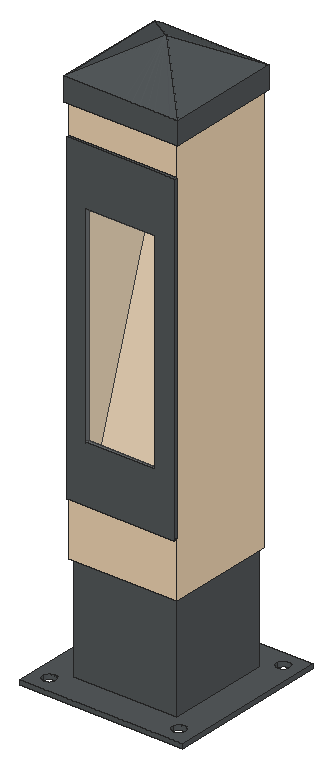
Revit family "Баум", category Осветительные приборы, Revit 2019 (continued)
Parameters (values of type "ДТУ961 Светодиодный светильник Баум ДТУ-96-AF-4Вт-0,6")
     0.4 0.4 0.4 0.4 0.4 0.4 0.4 0.4 0.4 0.4 0.4 0.4 0.4 0.4 0.4 0.4 0.4 0.4 0.4 0.4 0.4 0.4 0.4 0.4 0.4 0.4 0.4 0.4\r\n 0.4 0.4 0.4 0.4 0.4 0.4 0.4 0.4 0.4 0.4 0.4 0.2 0.2 0.2 0.0 0.0 0.0 0.0 0.0 0.0 0.0\r\n0.0 0.0 0.2 0.2 0.2 0.2 0.2 0.2 0.4 0.4 0.4 0.4 0.4 0.4 0.4 0.4 0.4 0.4 0.4 0.4 0.4 0.4 0.4 0.4 0.4 0.4 0.4 0.4 0.4 0.4 0.4 0.4\r\n 0.4 0.4 0.4 0.4 0.4 0.4 0.4 0.4 0.6 0.6 0.4 0.4 0.4 0.4 0.4 0.4 0.4 0.4 0.4 0.4 0.4 0.4 0.4 0.4 0.4 0.4 0.4 0.4 0.4 0.4 0.4 0.4\r\n 0.4 0.4 0.4 0.4 0.4 0.4 0.4 0.4 0.4 0.4 0.4 0.4 0.4 0.4 0.4 0.4 0.4 0.4 0.4 0.4 0.4 0.4 0.4 0.4 0.4 0.4 0.4 0.4 0.4 0.4 0.4 0.4\r\n 0.4 0.4 0.4 0.4 0.4 0.4 0.4 0.4 0.4 0.4 0.4 0.4 0.4 0.4 0.4 0.4 0.4 0.4 0.4 0.4 0.4 0.4 0.4 0.4 0.4 0.4 0.4 0.4 0.4 0.4 0.4 0.4\r\n 0.4 0.4 0.4 0.4 0.4 0.4 0.4 0.4 0.4 0.4 0.4 0.4 0.4 0.4 0.4 0.4 0.4 0.4 0.4 0.4 0.4 0.4 0.4 0.4 0.4 0.4 0.4 0.4 0.4 0.4 0.4 0.4\r\n 0.4 0.4 0.4 0.4 0.4 0.4 0.4 0.4 0.4 0.4 0.4 0.2 0.2 0.2 0.0 0.0 0.0 0.0 0.0 0.0 0.0\r\n0.0 0.0 0.2 0.2 0.2 0.2 0.2 0.2 0.4 0.4 0.4 0.4 0.4 0.4 0.4 0.4 0.4 0.4 0.4 0.4 0.4 0.4 0.4 0.4 0.4 0.4 0.4 0.4 0.4 0.4 0.4 0.4\r\n 0.4 0.4 0.4 0.4 0.4 0.4 0.4 0.4 0.4 0.4 0.4 0.4 0.4 0.4 0.4 0.4 0.4 0.4 0.4 0.4 0.4 0.4 0.4 0.4 0.4 0.4 0.4 0.4 0.4 0.4 0.4 0.4\r\n 0.4 0.4 0.4 0.4 0.4 0.4 0.4 0.4 0.4 0.4 0.4 0.4 0.4 0.4 0.4 0.4 0.4 0.4 0.4 0.4 0.4 0.4 0.4 0.4 0.4 0.4 0.4 0.4 0.4 0.4 0.4 0.4\r\n 0.4 0.4 0.4 0.4 0.4 0.4 0.4 0.4 0.4 0.4 0.4 0.4 0.4 0.4 0.4 0.4 0.4 0.4 0.4 0.4 0.4 0.4 0.4 0.4 0.4 0.4 0.4 0.4 0.4 0.4 0.4 0.4\r\n 0.4 0.4 0.4 0.4 0.4 0.4 0.4 0.4 0.4 0.4 0.4 0.4 0.4 0.4 0.4 0.4 0.4 0.4 0.4 0.4 0.4 0.4 0.4 0.4 0.4 0.4 0.4 0.4 0.4 0.4 0.4 0.4\r\n 0.4 0.4 0.4 0.4 0.4 0.4 0.4 0.4 0.4 0.4 0.4 0.2 0.2 0.2 0.0 0.0 0.0 0.0 0.0 0.0 0.0\r\n0.0 0.0 0.2 0.2 0.2 0.2 0.2 0.2 0.4 0.4 0.4 0.4 0.4 0.4 0.4 0.4 0.4 0.4 0.4 0.4 0.4 0.4 0.4 0.4 0.4 0.4 0.4 0.4 0.4 0.4 0.4 0.4\r\n 0.4 0.4 0.4 0.4 0.4 0.4 0.4 0.4 0.4 0.4 0.4 0.4 0.4 0.4 0.4 0.4 0.4 0.4 0.4 0.4 0.4 0.4 0.4 0.4 0.4 0.4 0.4 0.4 0.4 0.4 0.4 0.4\r\n 0.4 0.4 0.4 0.4 0.4 0.4 0.4 0.4 0.4 0.4 0.4 0.4 0.4 0.4 0.4 0.4 0.4 0.4 0.4 0.4 0.4 0.4 0.4 0.4 0.4 0.4 0.4 0.4 0.4 0.4 0.4 0.4\r\n 0.4 0.4 0.4 0.4 0.4 0.4 0.4 0.4 0.4 0.4 0.4 0.4 0.4 0.4 0.4 0.4 0.4 0.4 0.4 0.4 0.4 0.4 0.4 0.4 0.4 0.4 0.4 0.4 0.4 0.4 0.4 0.4\r\n 0.4 0.4 0.4 0.4 0.4 0.4 0.4 0.4 0.4 0.4 0.4 0.4 0.4 0.4 0.4 0.4 0.4 0.4 0.4 0.4 0.4 0.4 0.4 0.4 0.4 0.4 0.4 0.4 0.4 0.4 0.4 0.4\r\n 0.4 0.4 0.4 0.4 0.4 0.4 0.4 0.4 0.4 0.4 0.4 0.2 0.2 0.2 0.0 0.0 0.0 0.0 0.0 0.0 0.0\r\n0.0 0.0 0.2 0.2 0.2 0.2 0.2 0.2 0.4 0.4 0.4 0.4 0.4 0.4 0.4 0.4 0.4 0.4 0.4 0.4 0.4 0.4 0.4 0.4 0.4 0.4 0.4 0.4 0.4 0.4 0.4 0.4\r\n 0.4 0.4 0.4 0.4 0.4 0.4 0.4 0.4 0.4 0.4 0.4 0.4 0.4 0.4 0.4 0.4 0.4 0.4 0.4 0.4 0.4 0.4 0.4 0.4 0.4 0.4 0.4 0.4 0.4 0.4 0.4 0.4\r\n 0.4 0.4 0.4 0.4 0.4 0.4 0.4 0.4 0.4 0.4 0.4 0.4 0.4 0.4 0.4 0.4 0.4 0.4 0.4 0.4 0.4 0.4 0.4 0.4 0.4 0.4 0.4 0.4 0.4 0.4 0.4 0.4\r\n 0.4 0.4 0.4 0.4 0.4 0.4 0.4 0.4 0.4 0.4 0.4 0.4 0.4 0.4 0.4 0.4 0.4 0.4 0.4 0.4 0.4 0.4 0.4 0.4 0.4 0.4 0.4 0.4 0.4 0.4 0.4 0.4\r\n 0.4 0.4 0.4 0.4 0.4 0.4 0.4 0.4 0.4 0.4 0.4 0.4 0.4 0.4 0.4 0.4 0.4 0.4 0.4 0.4 0.4 0.4 0.4 0.4 0.4 0.4 0.4 0.4 0.4 0.4 0.4 0.4\r\n 0.4 0.4 0.4 0.4 0.4 0.4 0.4 0.4 0.4 0.4 0.4 0.2 0.2 0.2 0.0 0.0 0.0 0.0 0.0 0.0 0.0\r\n0.0 0.0 0.2 0.2 0.2 0.2 0.2 0.2 0.4 0.4 0.4 0.4 0.4 0.4 0.4 0.4 0.4 0.4 0.4 0.4 0.4 0.4 0.4 0.4 0.4 0.4 0.4 0.4 0.4 0.4 0.4 0.4\r\n 0.4 0.4 0.4 0.4 0.4 0.4 0.4 0.4 0.4 0.4 0.4 0.4 0.4 0.4 0.4 0.4 0.4 0.4 0.4 0.4 0.4 0.4 0.4 0.4 0.4 0.4 0.4 0.4 0.4 0.4 0.4 0.4\r\n 0.4 0.4 0.4 0.4 0.4 0.4 0.4 0.4 0.4 0.4 0.4 0.4 0.4 0.4 0.4 0.4 0.4 0.4 0.4 0.4 0.4 0.4 0.4 0.4 0.4 0.4 0.4 0.4 0.4 0.4 0.4 0.4\r\n 0.4 0.4 0.4 0.4 0.4 0.4 0.4 0.4 0.4 0.4 0.4 0.4 0.4 0.4 0.4 0.4 0.4 0.4 0.4 0.4 0.4 0.4 0.4 0.4 0.4 0.4 0.4 0.4 0.4 0.4 0.4 0.4\r\n 0.4 0.4 0.4 0.4 0.4 0.4 0.4 0.4 0.4 0.4 0.4 0.4 0.4 0.4 0.4 0.4 0.4 0.4 0.4 0.4 0.4 0.4 0.4 0.4 0.4 0.4 0.4 0.4 0.4 0.4 0.4 0.4\r\n 0.4 0.4 0.4 0.4 0.4 0.4 0.4 0.4 0.4 0.4 0.4 0.2 0.2 0.2 0.0 0.0 0.0 0.0 0.0 0.0 0.0\r\n0.0 0.0 0.2 0.2 0.2 0.2 0.2 0.2 0.4 0.4 0.4 0.4 0.4 0.4 0.4 0.4 0.4 0.4 0.4 0.4 0.4 0.4 0.4 0.4 0.4 0.4 0.4 0.4 0.4 0.4 0.4 0.4\r\n 0.4 0.4 0.4 0.4 0.4 0.4 0.4 0.4 0.4 0.4 0.4 0.4 0.4 0.4 0.4 0.4 0.4 0.4 0.4 0.4 0.4 0.4 0.4 0.4 0.4 0.4 0.4 0.4 0.4 0.4 0.4 0.4\r\n 0.4 0.4 0.4 0.4 0.4 0.4 0.4 0.4 0.4 0.4 0.4 0.4 0.4 0.4 0.6 0.4 0.4 0.4 0.4 0.4 0.4 0.4 0.4 0.4 0.4 0.4 0.4 0.4 0.4 0.4 0.4 0.4\r\n 0.4 0.4 0.4 0.4 0.4 0.4 0.4 0.4 0.4 0.4 0.4 0.4 0.4 0.4 0.4 0.4 0.4 0.4 0.4 0.4 0.4 0.4 0.4 0.4 0.4 0.4 0.4 0.4 0.4 0.4 0.4 0.4\r\n 0.4 0.4 0.4 0.4 0.4 0.4 0.4 0.4 0.4 0.4 0.4 0.4 0.4 0.4 0.4 0.4 0.4 0.4 0.4 0.4 0.4 0.4 0.4 0.4 0.4 0.4 0.4 0.4 0.4 0.4 0.4 0.4\r\n 0.4 0.4 0.4 0.4 0.4 0.4 0.4 0.4 0.4 0.4 0.4 0.2 0.2 0.2 0.0 0.0 0.0 0.0 0.0 0.0 0.0\r\n0.0 0.0 0.2 0.2 0.2 0.2 0.2 0.2 0.4 0.4 0.4 0.4 0.4 0.4 0.4 0.4 0.4 0.4 0.4 0.4 0.4 0.4 0.4 0.4 0.4 0.4 0.4 0.4 0.4 0.4 0.4 0.4\r\n 0.4 0.4 0.4 0.4 0.4 0.4 0.4 0.4 0.4 0.4 0.4 0.4 0.4 0.4 0.4 0.4 0.4 0.4 0.4 0.4 0.4 0.4 0.4 0.4 0.4 0.4 0.4 0.4 0.4 0.4 0.4 0.4\r\n 0.4 0.4 0.4 0.4 0.4 0.4 0.4 0.4 0.4 0.4 0.4 0.4 0.4 0.4 0.4 0.4 0.4 0.4 0.4 0.4 0.4 0.4 0.4 0.4 0.4 0.4 0.4 0.4 0.4 0.4 0.4 0.4\r\n 0.4 0.4 0.4 0.4 0.4 0.4 0.4 0.4 0.4 0.4 0.4 0.4 0.4 0.4 0.4 0.4 0.4 0.4 0.4 0.4 0.4 0.4 0.4 0.4 0.4 0.4 0.4 0.4 0.4 0.4 0.4 0.4\r\n 0.4 0.4 0.4 0.4 0.4 0.4 0.4 0.4 0.4 0.4 0.4 0.4 0.4 0.4 0.4 0.4 0.4 0.4 0.4 0.4 0.4 0.4 0.4 0.4 0.4 0.4 0.4 0.4 0.4 0.4 0.4 0.4\r\n 0.4 0.4 0.4 0.4 0.4 0.4 0.4 0.4 0.4 0.4 0.4 0.2 0.2 0.2 0.0 0.0 0.0 0.0 0.0 0.0 0.0\r\n0.0 0.0 0.2 0.2 0.2 0.2 0.2 0.2 0.4 0.4 0.4 0.4 0.4 0.4 0.4 0.4 0.4 0.4 0.4 0.4 0.4 0.4 0.4 0.4 0.4 0.4 0.4 0.4 0.4 0.4 0.4 0.4\r\n 0.4 0.4 0.4 0.4 0.4 0.4 0.4 0.4 0.4 0.4 0.4 0.4 0.4 0.4 0.4 0.4 0.4 0.4 0.4 0.4 0.4 0.4 0.4 0.4 0.4 0.4 0.4 0.4 0.4 0.4 0.4 0.4\r\n 0.4 0.4 0.4 0.4 0.4 0.4 0.4 0.4 0.4 0.4 0.4 0.4 0.4 0.4 0.4 0.4 0.4 0.4 0.4 0.4 0.4 0.4 0.4 0.4 0.4 0.4 0.4 0.4 0.4 0.4 0.4 0.4\r\n 0.4 0.4 0.4 0.4 0.4 0.4 0.4 0.4 0.4 0.4 0.4 0.4 0.4 0.4 0.4 0.4 0.4 0.4 0.4 0.4 0.4 0.4 0.4 0.4 0.4 0.4 0.4 0.4 0.4 0.4 0.4 0.4\r\n 0.4 0.4 0.4 0.4 0.4 0.4 0.4 0.4 0.4 0.4 0.4 0.4 0.4 0.4 0.4 0.4 0.4 0.4 0.4 0.4 0.4 0.4 0.4 0.4 0.4 0.4 0.4 0.4 0.4 0.4 0.4 0.4\r\n 0.4 0.4 0.4 0.4 0.4 0.4 0.4 0.4 0.4 0.4 0.4 0.2 0.2 0.2 0.0 0.0 0.0 0.0 0.0 0.0 0.0\r\n0.0 0.0 0.2 0.2 0.2 0.2 0.2 0.2 0.4 0.4 0.4 0.4 0.4 0.4 0.4 0.4 0.4 0.4 0.4 0.4 0.4 0.4 0.4 0.4 0.4 0.4 0.4 0.4 0.4 0.4 0.4 0.4\r\n 0.4 0.4 0.4 0.4 0.4 0.4 0.4 0.4 0.4 0.4 0.4 0.4 0.4 0.4 0.4 0.4 0.4 0.4 0.4 0.4 0.4 0.4 0.4 0.4 0.4 0.4 0.4 0.4 0.4 0.4 0.4 0.4\r\n 0.4 0.4 0.4 0.4 0.4 0.4 0.4 0.4 0.4 0.4 0.4 0.4 0.4 0.4 0.4 0.4 0.4 0.4 0.4 0.4 0.4 0.4 0.4 0.4 0.4 0.4 0.4 0.4 0.4 0.4 0.4 0.4\r\n 0.4 0.4 0.4 0.4 0.4 0.4 0.4 0.4 0.4 0.4 0.4 0.4 0.4 0.4 0.4 0.4 0.4 0.4 0.4 0.4 0.4 0.4 0.4 0.4 0.4 0.4 0.4 0.4 0.4 0.4 0.4 0.4\r\n 0.4 0.4 0.4 0.4 0.4 0.4 0.4 0.4 0.4 0.4 0.4 0.4 0.4 0.4 0.4 0.4 0.4 0.4 0.4 0.4 0.4 0.4 0.4 0.4 0.4 0.4 0.4 0.4 0.4 0.4 0.4 0.4\r\n 0.4 0.4 0.4 0.4 0.4 0.4 0.4 0.4 0.4 0.4 0.4 0.2 0.2 0.2 0.0 0.0 0.0 0.0 0.0 0.0 0.0\r\n0.0 0.0 0.4 0.2 0.2 0.2 0.2 0.2 0.4 0.4 0.4 0.4 0.4 0.4 0.4 0.4 0.4 0.4 0.4 0.4 0.4 0.4 0.4 0.4 0.4 0.4 0.4 0.4 0.4 0.4 0.4 0.4\r\n 0.4 0.4 0.4 0.4 0.4 0.4 0.4 0.4 0.4 0.4 0.4 0.4 0.4 0.4 0.4 0.4 0.4 0.4 0.4 0.4 0.4 0.4 0.4 0.4 0.4 0.4 0.4 0.4 0.4 0.4 0.4 0.4\r\n 0.4 0.4 0.4 0.4 0.4 0.4 0.4 0.4 0.4 0.4 0.4 0.4 0.4 0.4 0.4 0.4 0.4 0.4 0.4 0.4 0.4 0.4 0.4 0.4 0.4 0.4 0.4 0.4 0.4 0.4 0.4 0.4\r\n 0.4 0.4 0.4 0.4 0.4 0.4 0.4 0.4 0.4 0.4 0.4 0.4 0.4 0.4 0.4 0.4 0.4 0.4 0.4 0.4 0.4 0.4 0.4 0.4 0.4 0.4 0.4 0.4 0.4 0.4 0.4 0.4\r\n 0.4 0.4 0.4 0.4 0.4 0.4 0.4 0.4 0.4 0.4 0.4 0.4 0.4 0.4 0.4 0.4 0.4 0.4 0.4 0.4 0.4 0.4 0.4 0.4 0.4 0.4 0.4 0.4 0.4 0.4 0.4 0.4\r\n 0.4 0.4 0.4 0.4 0.4 0.4 0.4 0.4 0.4 0.4 0.4 0.2 0.2 0.2 0.0 0.0 0.0 0.0 0.0 0.0 0.0\r\n0.0 0.0 0.4 0.2 0.2 0.2 0.2 0.2 0.4 0.4 0.4 0.4 0.4 0.4 0.4 0.4 0.4 0.4 0.4 0.4 0.4 0.4 0.4 0.4 0.4 0.4 0.4 0.4 0.4 0.4 0.4 0.4\r\n 0.4 0.4 0.4 0.4 0.4 0.4 0.4 0.4 0.4 0.4 0.4 0.4 0.4 0.4 0.4 0.4 0.4 0.4 0.4 0.4 0.4 0.4 0.4 0.4 0.4 0.4 0.4 0.4 0.4 0.4 0.4 0.4\r\n 0.4 0.6 0.6 0.6 0.6 0.6 0.6 0.6 0.6 0.4 0.4 0.4 0.4 0.4 0.4 0.4 0.4 0.4 0.4 0.4 0.4 0.4 0.4 0.4 0.4 0.4 0.4 0.4 0.4 0.4 0.4 0.4\r\n 0.4 0.4 0.4 0.4 0.4 0.4 0.4 0.4 0.4 0.4 0.4 0.4 0.4 0.4 0.4 0.4 0.4 0.4 0.4 0.4 0.4 0.4 0.4 0.4 0.4 0.4 0.4 0.4 0.4 0.4 0.4 0.4\r\n 0.4 0.4 0.4 0.4 0.4 0.4 0.4 0.4 0.4 0.4 0.4 0.4 0.4 0.4 0.4 0.4 0.4 0.4 0.4 0.4 0.4 0.4 0.4 0.4 0.4 0.4 0.4 0.4 0.4 0.4 0.4 0.4\r\n 0.4 0.4 0.4 0.4 0.4 0.4 0.4 0.4 0.4 0.4 0.4 0.2 0.2 0.2 0.0 0.0 0.0 0.0 0.0 0.0 0.0\r\n0.0 0.0 0.4 0.2 0.2 0.2 0.2 0.2 0.4 0.6 0.4 0.4 0.4 0.4 0.4 0.4 0.4 0.4 0.4 0.4 0.4 0.4 0.4 0.4 0.4 0.4 0.4 0.4 0.4 0.4 0.4 0.4\r\n 0.4 0.4 0.4 0.4 0.4 0.4 0.4 0.4 0.4 0.4 0.4 0.4 0.4 0.4 0.4 0.4 0.4 0.4 0.4 0.4 0.4 0.4 0.4 0.4 0.4 0.4 0.4 0.6 0.6 0.6 0.6 0.6\r\n 0.7 1.3 1.3 1.3 1.1 0.9 0.9 0.7 0.7 0.6 0.6 0.4 0.4 0.4 0.4 0.4 0.4 0.4 0.4 0.4 0.4 0.4 0.4 0.4 0.4 0.4 0.4 0.4 0.4 0.4 0.4 0.4\r\n 0.4 0.4 0.4 0.4 0.4 0.4 0.4 0.4 0.4 0.4 0.4 0.4 0.4 0.4 0.4 0.4 0.4 0.4 0.4 0.4 0.4 0.4 0.4 0.4 0.4 0.4 0.4 0.4 0.4 0.4 0.4 0.4\r\n 0.4 0.4 0.4 0.4 0.4 0.4 0.4 0.4 0.4 0.4 0.4 0.4 0.4 0.4 0.4 0.4 0.4 0.4 0.4 0.4 0.4 0.4 0.4 0.4 0.4 0.4 0.4 0.4 0.4 0.4 0.4 0.4\r\n 0.4 0.4 0.4 0.4 0.4 0.4 0.4 0.4 0.4 0.4 0.4 0.4 0.2 0.2 0.0 0.0 0.0 0.0 0.0 0.0 0.0\r\n0.0 0.0 0.4 0.2 0.4 0.2 0.2 0.2 0.4 0.6 0.4 0.4 0.4 0.4 0.4 0.4 0.4 0.4 0.4 0.4 0.4 0.4 0.4 0.4 0.4 0.4 0.4 0.4 0.4 0.4 0.4 0.4\r\n 0.4 0.4 0.4 0.4 0.4 0.4 0.6 1.6 2.2 2.2 1.8 1.6 1.5 1.3 1.1 0.9 0.7 0.7 0.7 0.7 0.7 0.7 0.9 1.1 0.9 0.9 1.1 1.5 1.6 1.8 2.2 1.8\r\n 1.3 1.8 2.4 2.6 2.2 1.8 1.5 1.3 1.1 0.9 0.7 0.7 0.6 0.6 0.6 0.4 0.4 0.4 0.4 0.4 0.4 0.4 0.4 0.4 0.4 0.4 0.4 0.4 0.4 0.4 0.4 0.4\r\n 0.4 0.4 0.4 0.4 0.4 0.4 0.4 0.4 0.4 0.4 0.4 0.4 0.4 0.4 0.4 0.4 0.4 0.4 0.4 0.4 0.4 0.4 0.4 0.4 0.4 0.4 0.4 0.4 0.4 0.4 0.4 0.4\r\n 0.4 0.4 0.4 0.4 0.4 0.4 0.4 0.4 0.4 0.4 0.4 0.4 0.4 0.4 0.4 0.4 0.4 0.4 0.4 0.4 0.4 0.4 0.4 0.4 0.4 0.4 0.4 0.4 0.4 0.4 0.4 0.4\r\n 0.4 0.4 0.4 0.4 0.4 0.4 0.4 0.4 0.4 0.4 0.4 0.4 0.2 0.2 0.0 0.0 0.0 0.0 0.0 0.0 0.0\r\n0.0 0.0 0.4 0.2 0.4 0.2 0.2 0.2 0.4 0.6 0.4 0.4 0.4 0.4 0.4 0.4 0.4 0.4 0.4 0.4 0.4 0.4 0.4 0.4 0.4 0.4 0.4 0.4 0.4 0.4 0.4 0.4\r\n 0.6 1.3 1.3 1.6 4.6 4.6 8.4 32.5 51.9 59.1 58.5 60.4 56.9 51.9 47.7 43.5 39.6 35.2 30.3 26.2 23.1 20.9 18.9 16.9 16.0 15.6 16.1\r\n 17.4 17.4 18.2 18.2 17.6 18.7 19.3 19.1 20.0 19.6 18.9 19.3 18.4 17.6 17.6 16.1 14.7 14.3 13.0 11.9 11.2 7.3 2.6 0.9 0.4 0.4 0.4\r\n 0.4 0.4 0.4 0.4 0.4 0.4 0.4 0.4 0.4 0.4 0.4 0.4 0.4 0.4 0.4 0.4 0.4 0.4 0.4 0.4 0.4 0.4 0.4 0.4 0.4 0.4 0.4 0.4 0.4 0.4 0.4 0.4\r\n 0.4 0.4 0.4 0.4 0.4 0.4 0.4 0.4 0.4 0.4 0.4 0.4 0.4 0.4 0.4 0.4 0.4 0.4 0.4 0.4 0.4 0.4 0.4 0.4 0.4 0.4 0.4 0.4 0.4 0.4 0.4 0.4\r\n 0.4 0.4 0.4 0.4 0.4 0.4 0.4 0.4 0.4 0.4 0.4 0.4 0.4 0.4 0.4 0.4 0.4 0.4 0.4 0.4 0.4 0.4 0.2 0.2 0.0 0.0 0.0 0.0 0.0 0.0 0.0\r\n0.0 0.0 0.4 0.2 0.4 0.2 0.2 0.2 0.4 0.6 0.4 0.4 0.4 0.4 0.4 0.4 0.4 0.4 0.4 0.4 0.4 0.4 0.4 0.4 0.4 0.4 0.4 0.4 0.4 0.4 1.1 2.4\r\n 4.6 13.4 18.0 25.1 54.1 85.7 100.2 108.6 116.2 120.2 126.4 131.2 135.8 133.2 129.6 123.7 119.8 117.6 114.0 113.1 111.4 109.8\r\n 108.6 107.9 105.7 103.5 101.7 98.9 95.6 93.4 90.8 86.6 81.8 78.2 76.5 73.6 70.3 68.3 65.3 61.3 56.5 52.1 48.5 44.2 41.7 37.8 32.3\r\n 22.6 12.9 7.2 4.6 2.6 1.3 0.6 0.4 0.4 0.4 0.4 0.4 0.4 0.4 0.4 0.4 0.4 0.4 0.4 0.4 0.4 0.4 0.4 0.4 0.4 0.4 0.4 0.4 0.4 0.4 0.4 0.4\r\n 0.4 0.4 0.4 0.4 0.4 0.4 0.4 0.4 0.4 0.4 0.4 0.4 0.4 0.4 0.4 0.4 0.4 0.4 0.4 0.4 0.4 0.4 0.4 0.4 0.4 0.4 0.4 0.4 0.4 0.4 0.4 0.4\r\n 0.4 0.4 0.4 0.4 0.4 0.4 0.4 0.4 0.4 0.4 0.4 0.4 0.4 0.4 0.4 0.4 0.4 0.4 0.4 0.4 0.4 0.4 0.4 0.4 0.4 0.4 0.4 0.4 0.4 0.2 0.2 0.0\r\n 0.0 0.0 0.0 0.0 0.0 0.0\r\n0.0 0.0 0.4 0.2 0.4 0.2 0.2 0.2 0.4 0.6 0.4 0.4 0.4 0.4 0.4 0.4 0.4 0.4 0.4 0.4 0.4 0.4 0.4 0.4 0.4 0.4 0.4 0.6 2.0 5.5 11.9 25.3\r\n 34.3 52.7 94.5 118.4 134.3 150.5 165.5 174.2 184.1 192.7 200.4 208.6 206.1 206.4 201.3 195.4 191.4 187.7 184.1 179.1 175.4 174.0\r\n 171.8 167.4 166.3 162.8 158.0 154.5 152.3 148.6 143.9 139.7 134.9 129.8 125.9 121.1 117.3 112.5 106.1 98.9 92.5 85.7 80.8 75.4\r\n 68.8 56.3 42.2 31.6 23.9 17.3 12.3 8.6 5.5 3.1 1.5 0.6 0.4 0.4 0.4 0.4 0.4 0.4 0.4 0.4 0.4 0.4 0.4 0.4 0.4 0.4 0.4 0.4 0.4 0.4\r\n 0.4 0.4 0.4 0.4 0.4 0.4 0.4 0.4 0.4 0.4 0.4 0.4 0.4 0.4 0.4 0.4 0.4 0.4 0.4 0.4 0.4 0.4 0.4 0.4 0.4 0.4 0.4 0.4 0.4 0.4 0.4 0.4\r\n 0.4 0.4 0.4 0.4 0.4 0.4 0.4 0.4 0.4 0.4 0.4 0.4 0.4 0.4 0.4 0.4 0.4 0.4 0.4 0.4 0.4 0.4 0.4 0.4 0.4 0.4 0.4 0.4 0.4 0.4 0.4 0.4\r\n 0.4 0.4 0.2 0.2 0.0 0.0 0.0 0.0 0.0 0.0 0.0\r\n0.0 0.0 0.4 0.2 0.4 0.2 0.2 0.2 0.4 0.6 0.4 0.4 0.4 0.4 0.4 0.4 0.4 0.4 0.4 0.4 0.4 0.4 0.4 0.4 0.6 0.9 1.6 8.1 18.9 44.6 63.7\r\n 90.8 118.2 137.6 153.8 169.8 185.7 202.6 225.4 236.0 257.8 286.1 287.0 303.2 315.8 310.0 308.3 307.4 305.4 300.8 300.4 298.2\r\n 296.6 291.8 287.9 283.7 276.6 270.1 264.1 256.5 248.1 239.1 231.8 223.7 213.8 205.7 198.2 191.4 182.6 174.4 165.4 156.5 147.7\r\n 137.6 127.6 114.2 96.3 79.5 65.3 54.7 45.2 36.5 29.2 21.3 15.1 9.5 6.1 1.3 0.4 0.4 0.4 0.4 0.4 0.4 0.4 0.4 0.4 0.4 0.4 0.4 0.4\r\n 0.4 0.4 0.4 0.4 0.4 0.4 0.4 0.4 0.4 0.4 0.4 0.4 0.4 0.4 0.4 0.4 0.4 0.4 0.4 0.4 0.4 0.4 0.4 0.4 0.4 0.4 0.4 0.4 0.4 0.4 0.4 0.4\r\n 0.4 0.4 0.4 0.4 0.4 0.4 0.4 0.4 0.4 0.4 0.4 0.4 0.4 0.4 0.4 0.4 0.4 0.4 0.4 0.4 0.4 0.4 0.4 0.4 0.4 0.4 0.4 0.4 0.4 0.4 0.4 0.4\r\n 0.4 0.4 0.4 0.4 0.4 0.4 0.2 0.2 0.2 0.0 0.0 0.0 0.0 0.0 0.0 0.0\r\n0.0 0.0 0.4 0.2 0.4 0.2 0.2 0.4 0.4 0.6 0.4 0.4 0.4 0.4 0.4 0.4 0.4 0.4 0.4 0.4 0.4 0.4 0.6 0.7 3.1 8.1 20.4 55.4 75.4 97.1 123.5\r\n 149.6 171.6 183.7 201.3 231.2 254.0 277.7 309.0 334.2 361.3 390.9 397.9 391.8 388.0 386.1 376.4 371.1 365.6 361.7 354.5 347.8\r\n 341.7 336.4 332.0 327.2 321.1 313.3 307.4 299.5 290.9 285.4 278.6 270.1 262.1 253.6 246.3 237.3 227.9 217.8 209.0 199.7 189.0\r\n 174.7 152.3 130.3 114.9 99.8 89.0 76.7 66.3 55.4 46.3 36.5 26.1 17.6 11.0 2.4 0.6 0.4 0.4 0.4 0.4 0.4 0.4 0.4 0.4 0.4 0.4 0.4 0.4\r\n 0.4 0.4 0.4 0.4 0.4 0.4 0.4 0.4 0.4 0.4 0.4 0.4 0.4 0.4 0.4 0.4 0.4 0.4 0.4 0.4 0.4 0.4 0.4 0.4 0.4 0.4 0.4 0.4 0.4 0.4 0.4 0.4\r\n 0.4 0.4 0.4 0.4 0.4 0.4 0.4 0.4 0.4 0.4 0.4 0.4 0.4 0.4 0.4 0.4 0.4 0.4 0.4 0.4 0.4 0.4 0.4 0.4 0.4 0.4 0.4 0.4 0.4 0.4 0.4 0.4\r\n 0.4 0.4 0.4 0.4 0.4 0.4 0.2 0.2 0.2 0.0 0.0 0.0 0.0 0.0 0.0 0.0\r\n0.0 0.0 0.4 0.2 0.4 0.2 0.2 0.4 0.4 0.6 0.4 0.4 0.4 0.4 0.4 0.4 0.4 0.4 0.4 0.4 0.4 0.6 3.1 9.2 22.9 43.1 89.0 117.6 136.5 159.7\r\n 178.6 197.3 211.4 239.3 268.1 292.5 329.6 354.5 387.4 408.3 414.6 412.4 407.0 403.7 399.0 389.8 390.2 384.3 379.5 376.0 368.3\r\n 364.5 359.9 352.2 347.4 338.8 330.7 327.4 318.0 308.1 300.6 296.0 286.8 277.7 270.9 262.6 252.9 243.3 234.7 226.8 218.0 206.1\r\n 187.0 163.0 140.9 124.4 111.2 98.9 86.8 74.7 65.3 53.0 45.2 33.6 23.1 15.4 6.1 1.1 0.4 0.4 0.4 0.4 0.4 0.4 0.4 0.4 0.4 0.4 0.4\r\n 0.4 0.4 0.4 0.4 0.4 0.4 0.4 0.4 0.4 0.4 0.4 0.4 0.4 0.4 0.4 0.4 0.4 0.4 0.4 0.4 0.4 0.4 0.4 0.4 0.4 0.4 0.4 0.4 0.4 0.4 0.4 0.4\r\n 0.4 0.4 0.4 0.4 0.4 0.4 0.4 0.4 0.4 0.4 0.4 0.4 0.4 0.4 0.4 0.4 0.4 0.4 0.4 0.4 0.4 0.4 0.4 0.4 0.4 0.4 0.4 0.4 0.4 0.4 0.4 0.4\r\n 0.4 0.4 0.4 0.4 0.4 0.4 0.4 0.4 0.2 0.2 0.2 0.0 0.0 0.0 0.0 0.0 0.0 0.0\r\n0.0 0.0 0.4 0.4 0.4 0.2 0.2 0.4 0.4 0.6 0.4 0.4 0.4 0.4 0.4 0.4 0.4 0.4 0.4 0.6 1.1 5.0 18.4 53.0 93.6 127.0 150.7 167.2 189.9\r\n 207.6 234.2 263.0 290.9 318.0 360.4 394.6 423.9 441.2 441.0 438.8 434.9 431.5 428.5 425.9 420.1 416.8 410.9 404.5 402.1 392.9\r\n 389.6 381.4 375.1 370.3 363.4 355.7 351.3 342.4 331.3 323.4 317.9 308.3 299.1 294.5 287.6 276.9 267.8 258.6 249.9 239.3 224.6\r\n 202.4 178.0 157.5 143.5 126.4 115.6 100.9 88.6 78.2 66.6 56.7 45.5 33.6 24.4 16.0 6.1 1.1 0.4 0.4 0.4 0.4 0.4 0.4 0.4 0.4 0.4 0.4\r\n 0.4 0.4 0.4 0.4 0.4 0.4 0.4 0.4 0.4 0.4 0.4 0.4 0.4 0.4 0.4 0.4 0.4 0.4 0.4 0.4 0.4 0.4 0.4 0.4 0.4 0.4 0.4 0.4 0.4 0.4 0.4 0.4\r\n 0.4 0.4 0.4 0.4 0.4 0.4 0.4 0.4 0.4 0.4 0.4 0.4 0.4 0.4 0.4 0.4 0.4 0.4 0.4 0.4 0.4 0.4 0.4 0.4 0.4 0.4 0.4 0.4 0.4 0.4 0.4 0.4\r\n 0.4 0.4 0.4 0.4 0.4 0.4 0.4 0.4 0.4 0.2 0.2 0.2 0.0 0.0 0.0 0.0 0.0 0.0 0.0\r\n0.0 0.0 0.4 0.4 0.4 0.2 0.2 0.4 0.4 0.6 0.4 0.4 0.4 0.4 0.4 0.4 0.4 0.4 0.6 2.0 9.0 39.5 72.9 139.3 187.2 222.4 253.4 281.3 303.9\r\n 329.0 360.4 384.3 425.2 452.7 484.3 502.3 504.1 498.6 495.7 486.9 487.1 481.7 477.0 470.0 460.8 458.6 450.7 449.3 441.7 437.9\r\n 431.6 427.6 422.5 414.0 405.0 399.0 392.9 386.3 379.5 371.8 360.8 352.0 347.0 337.9 326.5 316.8 308.5 295.8 278.9 254.2 223.3\r\n 196.0 174.0 155.8 138.2 126.4 112.3 98.9 89.2 75.1 66.1 53.2 40
